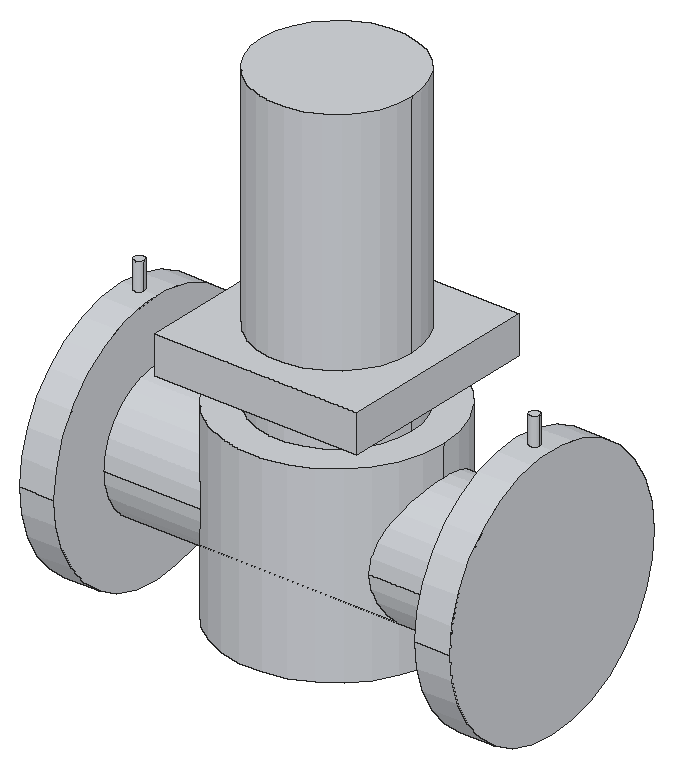
Revit family "PV_Compact_PN25_DN150_(90-350kPa)_RFA_2019", category Pipe Accessories, Revit 2019
Family settings
  Round Connector Dimension = Use Diameter
  Part Type = Valve - Breaks Into
  Work Plane-Based = No
  Always vertical = Yes
  Cut with Voids When Loaded = No
  Shared = No
Parameters (values of type "PV Compact PN25 DN150 (90-350kPa)")
  magiProductId = "3c848b5675884766961bbc36692fc4"
  magiProductFamilyId = "9e0837c0ac1a48c1a74a343bd519c1"
  magiPartTypeId = 304
  isMeasuringValve [instance] = no
  ang2D [instance] = 0.00°
  W2D = 125 mm
  VersionID = "2.0/2018.12.13.2/FRESE_PV_COMPACT_BIG_Q13_001"
  Use Minimum Symbol Size [instance] = no
  URL = "www.hydronic.cz"
  Type Comments = "PŘÍRUBOVÝ; PN25; dpmax=1000kPa; -10~+110°C"
  R4 = 84 mm
  R3 = 74.1 mm
  R1 = 120 mm
  QmdConnectorList = "301;D;302;D"
  Productdata [instance] = ""
  Manufacturer = "Hydronic Systems Prague s.r.o."
  Maintenance Zone Under Depth [instance] = 100 mm
  Maintenance Zone Right Depth [instance] = 100 mm
  Maintenance Zone Over Depth [instance] = 100 mm
  Maintenance Zone Left Depth [instance] = 100 mm
  Maintenance Zone Front Depth [instance] = 100 mm
  Maintenance Zone Back Depth [instance] = 100 mm
  Maintenance Zone Front Visibility [instance] = no
  MC Use Limits From Balancing Method = no
  MC Throttling Minimum Value = 0
  MC Throttling Maximum Value = 0
  MC Product Code = "53-3336 DN150 PN25; nastavitelný rozsah dp=20~100kPa; Q=59,3~123 m3/h;  kvs=250"
  MC Pressure Drop Minimum Value = 0.0 Pa
  MC Pressure Drop Maximum Value = 0.0 Pa
  MC Piping Given Pressure Drop [instance] = 0.0 Pa
  LF__ve = -LF  # -38.4 mm
  LF2 = 19.2 mm
  LF = 38.4 mm
  L4 = 225.6 mm
  L3 = 403.2 mm
  L2D_Min = 30.48 mm
  L2D = 400 mm
  L2 = 240 mm
  H6 = 256.25 mm
  H4 = 42.75 mm
  H3 = 35.625 mm
  H2 = 106.875 mm
  H1 = 213.75 mm
  Description = "Nastavitelný regulátor diferenčního tlaku"
  DF2 = 142.5 mm
  D = 150 mm
  Clearance Zone Height Depth [instance] = 100 mm
  Clearance Zone Circular Radius [instance] = 240 mm
  Clearance Zone Visibility [instance] = no
  CAT0 = yes
Types (3, lengths in mm): name | magiProductId | Type Comments | R4 | R3 | R1 | MC Product Code | LF__ve | LF2 | LF | L4 | L3 | L2 | H6 | H4 | H3 | H2 | H1 | DF2 | D | Clearance Zone Circular Radius
  PV Compact PN25 DN125 (90-350kPa) | "828af78972b74e11b5ab1c4abc9b81" | "PŘÍRUBOVÝ; PN25; dpmax=1000kPa; -10~+120°C" | 70 | 70.2 | 100 | "53-3333 DN125 PN25; nastavitelný rozsah dp=20~100kPa; Q=40,3~161 m3/h;  kvs=170" | -32 | 16 | 32 | 188 | 336 | 200 | 225.5 | 40.5 | 33.75 | 101.25 | 202.5 | 135 | 125 | 200
  PV Compact PN25 DN150 (90-350kPa) | "3c848b5675884766961bbc36692fc4" | "PŘÍRUBOVÝ; PN25; dpmax=1000kPa; -10~+110°C" | 84 | 74.1 | 120 | "53-3336 DN150 PN25; nastavitelný rozsah dp=20~100kPa; Q=59,3~123 m3/h;  kvs=250" | -38.4 | 19.2 | 38.4 | 225.6 | 403.2 | 240 | 256.25 | 42.75 | 35.625 | 106.875 | 213.75 | 142.5 | 150 | 240
  PV Compact PN25 DN200 (90-350kPa) | "91c75d4260f940c99372a7e9d4703c" | "PŘÍRUBOVÝ; PN25; dpmax=1000kPa; -10~+110°C" | 105 | 98.8 | 150 | "53-3339 DN200 PN25; nastavitelný rozsah dp=20~100kPa; Q=65,2~261 m3/h;  kvs=275" | -48 | 24 | 48 | 282 | 504 | 300 | 150 | 57 | 47.5 | 142.5 | 285 | 190 | 200 | 300
Reference planes
  plane 1 "Center (Front/Back)": y = 0
  plane 2 "XYPLANE": z = 0
  plane 3 "Center (Left/Right)": x = 0
  plane 4 "257": y = -142.5
  plane 5 "256": y = 142.5
  plane 6 "255": z = -142.5
  plane 7 "254": y = -242.5
  plane 8 "253": y = 242.5
  plane 9 "252": x = -340
  plane 10 "251": x = 340
  plane 11 "250": z = 541.5
  plane 12 "249": z = -242.5
  plane 13 "248": z = 541.5
  plane 14 "247": z = 441.5
  plane 15 "157": x = 220.8
  plane 16 "156": x = -220.8
  plane 17 "155": z = 142.5
  plane 18 "154": z = 185.25
  plane 19 "153": z = 142.5
  plane 20 "152": z = 106.875
  plane 21 "151": x = -201.6
  plane 22 "150": z = -106.875
  plane 23 "149": x = 0
  plane 24 "148": y = 0
  plane 25 "147": z = 0
  plane 26 "146": x = -240
  plane 27 "145": x = 240
Forms (mm)
  Blend 1, solid, visible <- "Maintenance Zone Front Visibility"
    base sketch origin (-750, 0, -242.5) x (1, 0, 0) y (0, 1, 0)
      loop
        line (410, 242.5) -> (410, -242.5) -> (1090, -242.5) -> (1090, 242.5) -> (410, 242.5)
    top sketch origin (-750, 0, -242.5) x (1, 0, 0) y (0, 1, 0)
      loop
        line (410, 242.5) -> (410, -242.5) -> (1090, -242.5) -> (1090, 242.5) -> (410, 242.5)
    from 0 to 784
  Blend 2, solid, visible <- "Clearance Zone Visibility"
    base sketch origin (-750, 0, 0) x (1, 0, 0) y (0, 1, 0)
      loop
        circle (750, 0) r 240
    top sketch origin (-750, 0, 0) x (1, 0, 0) y (0, 1, 0)
      loop
        circle (750, 0) r 240
    from 0 to 541.5
  Extrusion 3, solid, visible <- "CAT0"
    sketch origin (-750, 0, 142.5) x (1, 0, 0) y (0, 1, 0)
      loop
        circle (970.8, 0) r 5.5
    from 0 to 30
  Extrusion 4, solid, visible <- "CAT0"
    sketch origin (-750, 0, 142.5) x (1, 0, 0) y (0, 1, 0)
      loop
        circle (529.2, 0) r 5.5
    from 0 to 30
  Extrusion 5, solid
    sketch origin (-750, 0, 185.25) x (1, 0, 0) y (0, 1, 0)
      loop
        circle (750, 0) r 84
    from 0 to 256.25 <- "H6"
  Extrusion 6, solid, visible <- "CAT0"
    sketch origin (-750, 0, 142.5) x (1, 0, 0) y (0, 1, 0)
      loop
        line (862.8, 112.8) -> (637.2, 112.8) -> (637.2, -112.8) -> (862.8, -112.8) -> (862.8, 112.8)
    from 0 to 42.75 <- "H4"
  Extrusion 7, solid, visible <- "CAT0"
    sketch origin (-750, 0, 106.875) x (1, 0, 0) y (0, 1, 0)
      loop
        circle (750, 0) r 84
    from 0 to 35.625 <- "H3"
  Extrusion 8, solid, visible <- "CAT0"
    sketch origin (-201.6, -750, 0) x (0, 1, 0) y (0, 0, 1)
      loop
        circle (750, 0) r 74.1
    from 0 to 403.2 <- "L3"
  Extrusion 9, solid, visible <- "CAT0"
    sketch origin (-750, 0, -106.875) x (1, 0, 0) y (0, 1, 0)
      loop
        circle (750, 0) r 120
    from 0 to 213.75 <- "H1"
  Extrusion 10, solid, visible <- "CAT0"
    sketch origin (-240, -750, 0) x (0, 1, 0) y (0, 0, 1)
      loop
        circle (750, 0) r 142.5
    from 0 to 38.4 <- "LF"
  Extrusion 11, solid, visible <- "CAT0"
    sketch origin (240, -750, 0) x (0, 1, 0) y (0, 0, 1)
      loop
        circle (750, 0) r 142.5
    from 0 to -38.4 <- "LF__ve"
  Extrusion 12, solid, not visible
    sketch origin (-240, -750, 0) x (0, 1, 0) y (0, 0, 1)
      loop
        circle (750, 0) r 10
    from 0 to 10
  Extrusion 13, solid, not visible
    sketch origin (240, -750, 0) x (0, 1, 0) y (0, 0, 1)
      loop
        circle (750, 0) r 10
    from 0 to -10
Lines and regions (mm)
  reference lines, not visible
    curve 1: circle (2, 2, 0) r 1 normal (0, 0, 1)
  reference lines
    curve 2: circle (0, 0, 142.5) r 1 normal (0, 0, 1)
Dimensions and locks
  plane 1 "Center (Front/Back)" to curve 1 = 2 mm
  "DF2": plane 24 "148" to plane 4 "257"
  "DF2": plane 24 "148" to plane 5 "256"
  "DF2": plane 25 "147" to plane 6 "255"
  "Maintenance Zone Front Depth": plane 4 "257" to plane 7 "254"
  "Maintenance Zone Back Depth": plane 5 "256" to plane 8 "253"
  "Maintenance Zone Left Depth": plane 26 "146" to plane 9 "252"
  "Maintenance Zone Right Depth": plane 27 "145" to plane 10 "251"
  "Maintenance Zone Over Depth": plane 14 "247" to plane 11 "250"
  "Maintenance Zone Under Depth": plane 6 "255" to plane 12 "249"
  "Clearance Zone Height Depth": plane 14 "247" to plane 13 "248"
  "H6": plane 18 "154" to plane 14 "247"
  "LF2": plane 27 "145" to plane 15 "157"
  "LF2": plane 26 "146" to plane 16 "156"
  "DF2": plane 2 "XYPLANE" to plane 17 "155"
  "H4": plane 19 "153" to plane 18 "154"
  "H3": plane 20 "152" to plane 19 "153"
  "H1": plane 22 "150" to plane 20 "152"
  "LF": plane 26 "146" to plane 21 "151"
  "H2": plane 2 "XYPLANE" to plane 22 "150"
  locked: plane 3 "Center (Left/Right)" to plane 23 "149"
  locked: plane 1 "Center (Front/Back)" to plane 24 "148"
  locked: plane 2 "XYPLANE" to plane 25 "147"
  "L2": plane 3 "Center (Left/Right)" to plane 26 "146"
  "L2": plane 3 "Center (Left/Right)" to plane 27 "145"
  Blend 1 sketch curve to Blend 1 sketch curve = 0 mm  (x16)
  equal spacing: Extrusion 6 sketch curve, curve 2, Extrusion 6 sketch curve  (x2)
  "L4": Extrusion 6 sketch curve to Extrusion 6 sketch curve  (x2)
  Extrusion 6 sketch curve to Extrusion 6 sketch curve = 0 mm  (x8)
  "Clearance Zone Circular Radius": radius of Blend 2 sketch curve  (x2)
  "R4": radius of Extrusion 5 sketch curve
  "R4": radius of Extrusion 7 sketch curve
  "R3": radius of Extrusion 8 sketch curve
  "R1": radius of Extrusion 9 sketch curve
  "DF2": radius of Extrusion 10 sketch curve
  "DF2": radius of Extrusion 11 sketch curve
  aligned and locked: level to plane 2 "XYPLANE"
  aligned and locked: Blend 1 sketch curve to plane 8 "253"  (x2)
  aligned and locked: plane 9 "252" to Blend 1 sketch curve  (x4)
  aligned and locked: plane 10 "251" to Blend 1 sketch curve  (x4)
  aligned and locked: plane 8 "253" to Blend 1 sketch curve  (x2)
  aligned and locked: plane 7 "254" to Blend 1 sketch curve  (x4)
  aligned and locked: plane 11 "250" to Blend 1
  aligned and locked: plane 23 "149" to Blend 2 sketch curve  (x2)
  aligned and locked: plane 24 "148" to Blend 2 sketch curve  (x2)
  aligned and locked: plane 13 "248" to Blend 2
  aligned and locked: plane 15 "157" to Extrusion 3 sketch curve
  aligned and locked: plane 24 "148" to Extrusion 3 sketch curve
  aligned and locked: plane 16 "156" to Extrusion 4 sketch curve
  aligned and locked: plane 24 "148" to Extrusion 4 sketch curve
  aligned and locked: plane 23 "149" to Extrusion 5 sketch curve
  aligned and locked: plane 24 "148" to Extrusion 5 sketch curve
  aligned and locked: plane 23 "149" to curve 2
  aligned and locked: plane 24 "148" to curve 2
  aligned and locked: plane 23 "149" to Extrusion 7 sketch curve
  aligned and locked: plane 24 "148" to Extrusion 7 sketch curve
  aligned and locked: Extrusion 8 sketch curve to plane 24 "148"
  aligned and locked: plane 25 "147" to Extrusion 8 sketch curve
  aligned and locked: plane 23 "149" to Extrusion 9 sketch curve
  aligned and locked: plane 24 "148" to Extrusion 9 sketch curve
  aligned and locked: Extrusion 10 sketch curve to plane 24 "148"
  aligned and locked: plane 25 "147" to Extrusion 10 sketch curve
  aligned and locked: Extrusion 11 sketch curve to plane 24 "148"
  aligned and locked: plane 25 "147" to Extrusion 11 sketch curve
  aligned and locked: Extrusion 12 sketch curve to plane 24 "148"
  aligned and locked: plane 25 "147" to Extrusion 12 sketch curve
  aligned and locked: Extrusion 13 sketch curve to plane 24 "148"
  aligned and locked: plane 25 "147" to Extrusion 13 sketch curve
Automatic sketch dimensions
  Extrusion 3 sketch curve to Extrusion 3 sketch curve = 5.5 mm
  Extrusion 4 sketch curve to Extrusion 4 sketch curve = 5.5 mm
  plane 1 "Center (Front/Back)" to Extrusion 12 sketch curve = 10 mm
  plane 1 "Center (Front/Back)" to Extrusion 13 sketch curve = 10 mm
  plane 3 "Center (Left/Right)" to curve 1 = 2 mm
  plane 21 "151" to Extrusion 6 sketch curve = 88.8 mm
  plane 4 "257" to Extrusion 6 sketch curve = 29.7 mm
  radius of curve 2 = 1 mm
  radius of curve 1 = 1 mm
Connectors
  piping at (-240, 0, 0), diameter 150, driven by "D"
    settings: on Extrusion 12, index 1, connector inside diameter 609.6 mm, connector length 0 mm, flow factor 0, pipe flow 0.0 L/s, pressure drop 0.0 Pa, fitting loss kfactor 0, connector angle 0.00°, fixture units 0, engagement length 0 mm, angle of deflection 0.00°, flow configuration 0, flow direction 0, fitting loss method 0, system type 29, joint type 0, gender type 0, connector reference index 2, connector utility 0, adjustable connector no, is connector primary yes, connector description ""
  piping at (240, 0, 0), diameter 150, driven by "D"
    settings: on Extrusion 13, index 2, connector inside diameter 609.6 mm, connector length 0 mm, flow factor 0, pipe flow 0.0 L/s, pressure drop 0.0 Pa, fitting loss kfactor 0, connector angle 0.00°, fixture units 0, engagement length 0 mm, angle of deflection 0.00°, flow configuration 0, flow direction 0, fitting loss method 0, system type 29, joint type 0, gender type 0, connector reference index 1, connector utility 0, adjustable connector no, is connector primary no, connector description ""
